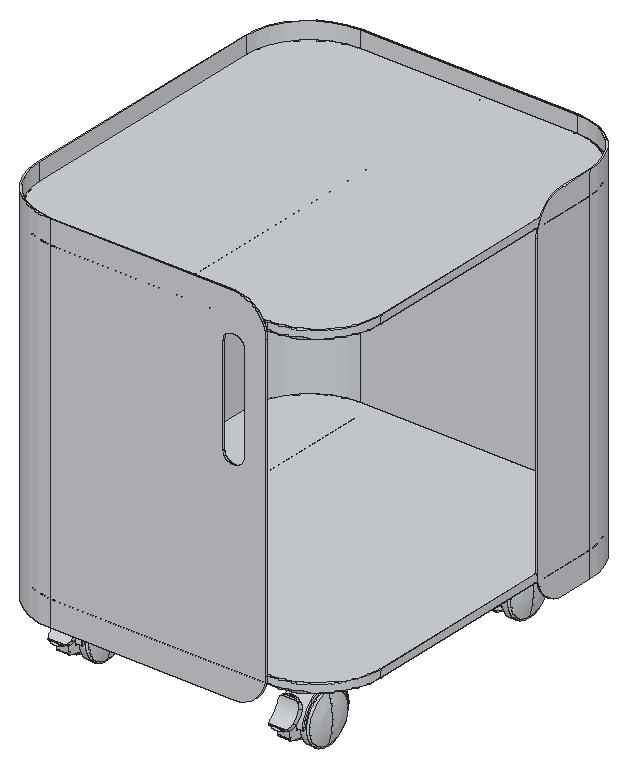
Revit family "Form_Stash Cart", category Generic Models, Revit 2018
Family settings
  Can host rebar = No
  Round Connector Dimension = Use Diameter
  Part Type = Normal
  Work Plane-Based = No
  Always vertical = Yes
  Cut with Voids When Loaded = No
  Shared = No
  Room Calculation Point = No
Parameters
  Wheel Material = none
  Frame Material = none
Reference planes
  plane 1 "Center (Front/Back)": y = 0
  plane 2: z = 0
  plane 3 "Center (Left/Right)": x = 0
Forms (mm)
  Sweep 1, solid, material <- "Frame Material"
    path origin (0, 0, 0) x (1, 0, 0) y (0, 1, 0)
      loop
        line (203.2, 76.2) -> (203.2, 153.6)
        arc (203.2, 153.6) -> (181.233, 206.633) -> (128.2, 228.6) r 75
        line (128.2, 228.6) -> (-127.148, 228.6)
        arc (-127.148, 228.6) -> (-180.925, 206.325) -> (-203.2, 152.548) r 76.052
        line (-203.2, 152.548) -> (-203.2, -152.586)
        arc (-203.2, -152.586) -> (-180.936, -206.336) -> (-127.186, -228.6) r 76.014
        line (-127.186, -228.6) -> (127, -228.6)
    profile origin (-0.093, -228.6, 0) x (0, 1, 0) y (0, 0, 1)
      loop
        line (1.596, 483.8) -> (0, 483.8) -> (0, 52) -> (1.596, 52) -> (1.596, 483.8)
  Sweep 2, solid, material <- "Frame Material"
    path origin (0, 0, 0) x (1, 0, 0) y (0, 1, 0)
      loop
        line (0, 225.6) -> (0, -225.6)
    profile origin (0, 0, 0) x (1, 0, 0) y (0, 0, 1)
      loop
        line (-14.046, 454.75) -> (14.033, 454.75)
        arc (14.033, 454.75) -> (15.774, 455.471) -> (16.497, 457.212) r 2.464
        line (16.497, 457.212) -> (16.5, 460.734)
        arc (16.5, 460.734) -> (16.793, 461.443) -> (17.501, 461.739) r 1.006
        line (17.501, 461.739) -> (20, 461.75) -> (20, 463.25) -> (17.486, 463.25)
        arc (17.486, 463.25) -> (15.728, 462.522) -> (15, 460.764) r 2.486
        line (15, 460.764) -> (15, 457.25) -> (-15, 457.25) -> (-15.003, 460.793)
        arc (-15.003, 460.793) -> (-15.724, 462.531) -> (-17.462, 463.25) r 2.459
        line (-17.462, 463.25) -> (-20, 463.25) -> (-20, 461.75) -> (-17.478, 461.739)
        arc (-17.478, 461.739) -> (-16.787, 461.45) -> (-16.501, 460.759) r 0.98
        line (-16.501, 460.759) -> (-16.5, 457.203)
        arc (-16.5, 457.203) -> (-15.781, 455.469) -> (-14.046, 454.75) r 2.454
  Sweep 3, solid, material <- "Frame Material"
    path origin (0, 0, 0) x (1, 0, 0) y (0, 1, 0)
      loop
        line (-127, 200) -> (-127, -200)
    profile origin (-127, 0, 0) x (1, 0, 0) y (0, 0, 1)
      loop
        line (-13.5, 89.5) -> (-15.037, 89.5) -> (-15.037, 75.558)
        arc (-15.037, 75.558) -> (-14.289, 73.752) -> (-12.482, 73.003) r 2.555
        line (-12.482, 73.003) -> (12.555, 73)
        arc (12.555, 73) -> (14.282, 73.715) -> (14.997, 75.441) r 2.441
        line (14.997, 75.441) -> (15, 89.5) -> (13.5, 89.5) -> (13.5, 75.49)
        arc (13.5, 75.49) -> (13.21, 74.79) -> (12.509, 74.5) r 0.991
        line (12.509, 74.5) -> (-12.532, 74.5)
        arc (-12.532, 74.5) -> (-13.208, 74.78) -> (-13.489, 75.456) r 0.957
        line (-13.489, 75.456) -> (-13.5, 89.5)
  Sweep 4, solid, material <- "Frame Material"
    path origin (0, 0, 0) x (-1, 0, 0) y (0, 1, 0)
      loop
        line (-127, 200) -> (-127, -200)
    profile origin (127, 0, 0) x (1, 0, 0) y (0, 0, 1)
      loop
        line (13.5, 89.5) -> (13.489, 75.456)
        arc (13.489, 75.456) -> (13.208, 74.78) -> (12.532, 74.5) r 0.957
        line (12.532, 74.5) -> (-12.509, 74.5)
        arc (-12.509, 74.5) -> (-13.21, 74.79) -> (-13.5, 75.49) r 0.991
        line (-13.5, 75.49) -> (-13.5, 89.5) -> (-15, 89.5) -> (-14.997, 75.441)
        arc (-14.997, 75.441) -> (-14.282, 73.715) -> (-12.555, 73) r 2.441
        line (-12.555, 73) -> (12.482, 73.003)
        arc (12.482, 73.003) -> (14.289, 73.752) -> (15.037, 75.558) r 2.555
        line (15.037, 75.558) -> (15.037, 89.5) -> (13.5, 89.5)
  Extrusion 5, void
    sketch origin (0, 0, 0) x (1, 0, 0) y (0, 0, 1)
      loop
        arc (76.2, 312.35) -> (88.9, 299.65) -> (101.6, 312.35) r 12.7
        line (101.6, 312.35) -> (101.6, 426.65)
        arc (101.6, 426.65) -> (88.9, 439.35) -> (76.2, 426.65) r 12.7
        line (76.2, 426.65) -> (76.2, 312.35)
    from 227.1 to 228.6
  Extrusion 6, void
    sketch origin (0, 0, 0) x (0, 1, 0) y (0, 0, 1)
      loop
        line (114.3, 483.8) -> (76.2, 483.8) -> (76.2, 445.7)
        arc (76.2, 445.7) -> (87.359, 472.641) -> (114.3, 483.8) r 38.1
      loop
        arc (114.3, 52) -> (87.359, 63.159) -> (76.2, 90.1) r 38.1
        line (76.2, 90.1) -> (76.2, 52) -> (114.3, 52)
    from 201.7 to 203.102
  Extrusion 7, void
    sketch origin (0, 0, 0) x (1, 0, 0) y (0, 0, 1)
      loop
        arc (88.9, 483.8) -> (115.841, 472.641) -> (127, 445.7) r 38.1
        line (127, 445.7) -> (127, 483.8) -> (88.9, 483.8)
      loop
        line (88.9, 52) -> (127, 52) -> (127, 90.1)
        arc (127, 90.1) -> (115.841, 63.159) -> (88.9, 52) r 38.1
    from 227.1 to 228.6
  Sweep 8, solid, material <- "Frame Material"
    path origin (0, 227.004, 464.75) x (0, -1, 0) y (1, 0, 0)
      loop
        line (379.818, 201.604) -> (150.804, 201.604) -> (145.7, 201.604) -> (73.404, 201.604)
        arc (73.404, 201.604) -> (21.5, 180.104) -> (0, 128.2) r 73.404
        line (0, 128.2) -> (0, -127.148)
        arc (0, -127.148) -> (21.808, -179.796) -> (74.456, -201.604) r 74.456
        line (74.456, -201.604) -> (379.59, -201.604)
        arc (379.59, -201.604) -> (432.212, -179.807) -> (454.008, -127.186) r 74.418
        line (454.008, -127.186) -> (454.008, 127.414)
        arc (454.008, 127.414) -> (432.278, 179.874) -> (379.818, 201.604) r 74.19
    profile origin (201.604, -38.307, 464.75) x (-1, 0, 0) y (0, 0, 1)
      loop
        line (1.404, -1.5) -> (4.554, -1.5) -> (4.554, 0) -> (0.5, 0)
        arc (0.5, 0) -> (0.146, -0.146) -> (0, -0.5) r 0.5
        line (0, -0.5) -> (0, -9.5)
        arc (0, -9.5) -> (0.146, -9.854) -> (0.5, -10) r 0.5
        line (0.5, -10) -> (1.404, -10) -> (1.404, -1.5)
      loop
        line (1.404, -375.25) -> (4.554, -375.25) -> (4.554, -373.75) -> (0.5, -373.75)
        arc (0.5, -373.75) -> (0.146, -373.896) -> (0, -374.25) r 0.5
        line (0, -374.25) -> (0, -383.25)
        arc (0, -383.25) -> (0.146, -383.604) -> (0.5, -383.75) r 0.5
        line (0.5, -383.75) -> (1.404, -383.75) -> (1.404, -375.25)
  Extrusion 9, solid, material <- "Frame Material"
    sketch origin (0, 0, 0) x (1, 0, 0) y (0, 1, 0)
      loop
        arc (127.414, -222.45) -> (176.654, -202.054) -> (197.05, -152.814) r 69.637
        line (197.05, -152.814) -> (197.05, 153.6)
        arc (197.05, 153.6) -> (176.884, 202.284) -> (128.2, 222.45) r 68.85
        line (128.2, 222.45) -> (-127.148, 222.45)
        arc (-127.148, 222.45) -> (-176.576, 201.976) -> (-197.05, 152.548) r 69.902
        line (-197.05, 152.548) -> (-197.05, -152.586)
        arc (-197.05, -152.586) -> (-176.587, -201.988) -> (-127.186, -222.45) r 69.864
        line (-127.186, -222.45) -> (127.414, -222.45)
    from 463.25 to 464.75
  Extrusion 10, solid, material <- "Frame Material"
    sketch origin (0, 0, 0) x (1, 0, 0) y (0, 1, 0)
      loop
        arc (127.414, -222.45) -> (176.654, -202.054) -> (197.05, -152.814) r 69.637
        line (197.05, -152.814) -> (197.05, 153.6)
        arc (197.05, 153.6) -> (176.884, 202.284) -> (128.2, 222.45) r 68.85
        line (128.2, 222.45) -> (-127.148, 222.45)
        arc (-127.148, 222.45) -> (-176.576, 201.976) -> (-197.05, 152.548) r 69.902
        line (-197.05, 152.548) -> (-197.05, -152.586)
        arc (-197.05, -152.586) -> (-176.587, -201.988) -> (-127.186, -222.45) r 69.864
        line (-127.186, -222.45) -> (127.414, -222.45)
    from 89.5 to 91
Cuts and joins
  Extrusion 5, Extrusion 6, Extrusion 7 cuts Sweep 1
  Extrusion 6 cuts Sweep 2
  joined: Sweep 8, Extrusion 9, Extrusion 10
Dimensions and locks
  aligned and locked: level to plane 2
Nested families
  nested 1: "Front Wheel" at (135.677, -170.022, 0), type "Front Wheel"
  nested 2: "Front Wheel" at (-123.4, -171.991, 0) x (-1, 0, 0) z (0, 0, 1), type "Front Wheel"
  nested 3: "Back wheel.dwg" at (129.988, 133.149, 0), type "Back wheel.dwg"
  nested 4: "Back wheel.dwg" at (-124.012, 132.935, 0) x (-1, 0, 0) z (0, 0, 1), type "Back wheel.dwg"
Definition of nested family "Front Wheel"
  Parameters (values of type "Front Wheel")
    Back wheel = none
  Reference planes
    plane 1 "Center (Front/Back)": y = 0
    plane 2: z = 0
    plane 3 "Center (Left/Right)": x = 0
  Forms (mm)
    Revolve 1, solid, material <- "Back wheel"
      sketch origin (0, 0, 0) x (1, 0, 0) y (0, 0, 1)
        loop
          line (8.75, 0) -> (16.135, 0)
          arc (16.135, 0) -> (17.447, 0.424) -> (18.264, 1.535) r 2.245
          arc (18.264, 1.535) -> (21.694, 15.501) -> (22.83, 29.837) r 88.987
          line (22.83, 29.837) -> (21.83, 29.837)
          arc (21.83, 29.837) -> (20.681, 15.501) -> (17.212, 1.544) r 87.987
          arc (17.212, 1.544) -> (16.921, 1.15) -> (16.454, 1) r 0.8
          line (16.454, 1) -> (8.75, 1) -> (8.75, 0)
        axis (8.75, 29.837) -> (22.83, 29.837)
      angle from 0 to 360
    Revolve 2, solid, material <- "Back wheel"
      sketch origin (0, 0, 0) x (-1, 0, 0) y (0, 0, 1)
        loop
          line (8.75, 0) -> (16.135, 0)
          arc (16.135, 0) -> (17.447, 0.424) -> (18.264, 1.535) r 2.245
          arc (18.264, 1.535) -> (21.694, 15.501) -> (22.83, 29.837) r 88.987
          line (22.83, 29.837) -> (21.83, 29.837)
          arc (21.83, 29.837) -> (20.681, 15.501) -> (17.212, 1.544) r 87.987
          arc (17.212, 1.544) -> (16.921, 1.15) -> (16.454, 1) r 0.8
          line (16.454, 1) -> (8.75, 1) -> (8.75, 0)
        axis (8.75, 29.837) -> (22.83, 29.837)
      angle from 0 to 360
    Sweep 3, solid, material <- "Back wheel"
      path origin (0, 0, 0) x (0, 1, 0) y (0, 0, 1)
        loop
          arc (31.378, 29.805) -> (-0.006, 61.189) -> (-31.39, 29.805) r 31.384
      profile origin (0, -0.006, 61.189) x (0, 0, -1) y (1, 0, 0)
        loop
          line (0, -15.204) -> (0, 15.171) -> (-1.521, 15.171)
          arc (-1.521, 15.171) -> (-2.088, 14.936) -> (-2.321, 14.37) r 0.8
          line (-2.321, 14.37) -> (-2.271, -14.406)
          arc (-2.271, -14.406) -> (-2.036, -14.97) -> (-1.471, -15.204) r 0.8
          line (-1.471, -15.204) -> (0, -15.204)
    Extrusion 4, solid, material <- "Back wheel"
      sketch origin (0, 0, 0) x (1, 0, 0) y (0, 1, 0)
        loop
          circle (0, 19.992) r 9.769
      from 42.828 to 66.992
    Sweep 5, solid, material <- "Back wheel"
      path origin (0, 0, 0) x (1, 0, 0) y (0, 1, 0)
        loop
          line (6.907, 16.004) -> (6.907, 23.98) -> (0, 27.968) -> (-6.907, 23.98) -> (-6.907, 16.004) -> (0, 12.017) -> (6.907, 16.004)
      profile origin (6.907, 19.992, 0) x (-1, 0, 0) y (0, 0, 1)
        loop
          arc (0, 69.8) -> (0.234, 69.234) -> (0.8, 69) r 0.8
          line (0.8, 69) -> (0.8, 73)
          arc (0.8, 73) -> (0.234, 72.766) -> (0, 72.2) r 0.8
          line (0, 72.2) -> (0, 69.8)
    Revolve 6, solid, material <- "Back wheel"
      sketch origin (0, 19.992, 0) x (1, 0, 0) y (0, 0, 1)
        loop
          line (0, 88) -> (-3.355, 88) -> (-4.098, 87.479) -> (-3.078, 86.886) -> (-4.154, 86.268) -> (-3.075, 85.645) -> (-4.155, 85.019) -> (-3.086, 84.391) -> (-4.154, 83.77) -> (-3.085, 83.138) -> (-4.156, 82.519) -> (-3.075, 81.895) -> (-4.155, 81.269) -> (-3.086, 80.641) -> (-4.154, 80.02) -> (-3.085, 79.388) -> (-4.156, 78.769) -> (-3.075, 78.145) -> (-4.155, 77.519) -> (-3.086, 76.891) -> (-4.154, 76.27) -> (-3.08, 75.634) -> (-4.157, 75.019) -> (-3.075, 74.395) -> (-4.011, 73.853) -> (-4.011, 67) -> (0, 67) -> (0, 88)
        axis (0, 67) -> (0, 88)
      angle from 0 to 360
    Extrusion 7, solid, material <- "Back wheel"
      sketch origin (0, 0, 0) x (1, 0, 0) y (0, 1, 0)
        loop
          line (-6.107, 23.518) -> (-6.107, 16.466) -> (0, 12.941) -> (6.107, 16.466) -> (6.107, 23.518) -> (0, 27.044) -> (-6.107, 23.518)
        loop
          circle (0, 19.992) r 4.157
      from 69 to 73
    Extrusion 8, solid, material <- "Back wheel"
      sketch origin (0, 0, 0) x (0, 1, 0) y (0, 0, 1)
        loop
          arc (-36.386, 43.583) -> (-41.5, 38.174) -> (-47.81, 34.223) r 29.402
          arc (-47.81, 34.223) -> (-46.189, 34.474) -> (-44.682, 33.828) r 2.977
          line (-44.682, 33.828) -> (-42.526, 22.014)
          arc (-42.526, 22.014) -> (-41.912, 20.843) -> (-40.74, 20.23) r 2.218
          line (-40.74, 20.23) -> (-14.142, 15.404) -> (-12.753, 23.283) -> (-34.574, 27.76) -> (-36.386, 43.583)
      from -7.296 to 7.215
    Extrusion 9, solid, material <- "Back wheel"
      sketch origin (0, 0, 0) x (0, 1, 0) y (0, 0, 1)
        loop
          arc (-32.04, 64.681) -> (-33.972, 63.979) -> (-35.38, 62.483) r 4.441
          arc (-35.38, 62.483) -> (-35.737, 61.604) -> (-35.844, 60.661) r 3.49
          arc (-35.844, 60.661) -> (-40.257, 46.119) -> (-52.45, 37.049) r 24.281
          arc (-52.45, 37.049) -> (-53.063, 36.758) -> (-53.586, 36.329) r 2.786
          arc (-53.586, 36.329) -> (-54.771, 34.353) -> (-54.995, 32.06) r 5.243
          arc (-54.995, 32.06) -> (-36.599, 43.502) -> (-32.04, 64.681) r 27.738
      from -15.204 to 15.171
    Extrusion 10, void
      sketch origin (0, -30.962, -8.106) x (1, 0, 0) y (0, 0.422618, 0.906308)
        loop
          line (-15.204, 67.261) -> (-15.204, 17.456) -> (15.171, 17.456) -> (15.171, 67.261) -> (-15.204, 67.261)
        loop
          arc (-8.128, 60.859) -> (-11.277, 57.077) -> (-12.406, 52.286) r 10.731
          line (-12.406, 52.286) -> (-12.406, 36.2)
          arc (-12.406, 36.2) -> (-11.817, 33.743) -> (-10.178, 31.82) r 5.419
          arc (-10.178, 31.82) -> (-1.117, 28.565) -> (8.269, 30.708) r 17.138
          arc (8.269, 30.708) -> (11.433, 33.804) -> (12.594, 38.077) r 8.44
          line (12.594, 38.077) -> (12.594, 53.144)
          arc (12.594, 53.144) -> (12.066, 56.13) -> (10.544, 58.753) r 8.697
          arc (10.544, 58.753) -> (1.627, 63.522) -> (-8.128, 60.859) r 13.673
      from 0 to 80.541
  Cuts and joins
    Extrusion 10 cuts Extrusion 9
    joined: Sweep 5, Extrusion 7
  Dimensions and locks
    aligned and locked: level to plane 2
Definition of nested family "Back wheel.dwg"
  Parameters (values of type "Back wheel.dwg")
    Wheel = none
  Reference planes
    plane 1 "Center (Front/Back)": y = 0
    plane 2: z = 0
    plane 3 "Center (Left/Right)": x = 0
  Forms (mm)
    Revolve 1, solid, material <- "Wheel"
      sketch origin (0, 0, 0) x (1, 0, 0) y (0, 0, 1)
        loop
          line (8.75, 0) -> (16.135, 0)
          arc (16.135, 0) -> (17.447, 0.424) -> (18.264, 1.535) r 2.245
          arc (18.264, 1.535) -> (21.694, 15.501) -> (22.83, 29.837) r 88.987
          line (22.83, 29.837) -> (21.83, 29.837)
          arc (21.83, 29.837) -> (20.681, 15.501) -> (17.212, 1.544) r 87.987
          arc (17.212, 1.544) -> (16.921, 1.15) -> (16.454, 1) r 0.8
          line (16.454, 1) -> (8.75, 1) -> (8.75, 0)
        axis (8.75, 29.837) -> (22.83, 29.837)
      angle from 0 to 360
    Revolve 2, solid, material <- "Wheel"
      sketch origin (0, 0, 0) x (-1, 0, 0) y (0, 0, 1)
        loop
          line (8.75, 0) -> (16.135, 0)
          arc (16.135, 0) -> (17.447, 0.424) -> (18.264, 1.535) r 2.245
          arc (18.264, 1.535) -> (21.694, 15.501) -> (22.83, 29.837) r 88.987
          line (22.83, 29.837) -> (21.83, 29.837)
          arc (21.83, 29.837) -> (20.681, 15.501) -> (17.212, 1.544) r 87.987
          arc (17.212, 1.544) -> (16.921, 1.15) -> (16.454, 1) r 0.8
          line (16.454, 1) -> (8.75, 1) -> (8.75, 0)
        axis (8.75, 29.837) -> (22.83, 29.837)
      angle from 0 to 360
    Sweep 3, solid, material <- "Wheel"
      path origin (0, 0, 0) x (0, 1, 0) y (0, 0, 1)
        loop
          arc (31.378, 29.805) -> (-0.006, 61.189) -> (-31.39, 29.805) r 31.384
      profile origin (0, -0.006, 61.189) x (0, 0, -1) y (1, 0, 0)
        loop
          line (0, -15.204) -> (0, 15.171) -> (-1.521, 15.171)
          arc (-1.521, 15.171) -> (-2.088, 14.936) -> (-2.321, 14.37) r 0.8
          line (-2.321, 14.37) -> (-2.271, -14.406)
          arc (-2.271, -14.406) -> (-2.036, -14.97) -> (-1.471, -15.204) r 0.8
          line (-1.471, -15.204) -> (0, -15.204)
    Extrusion 4, solid, material <- "Wheel"
      sketch origin (0, 0, 0) x (1, 0, 0) y (0, 1, 0)
        loop
          circle (0, 19.992) r 9.769
      from 42.828 to 66.992
    Sweep 5, solid, material <- "Wheel"
      path origin (0, 0, 0) x (1, 0, 0) y (0, 1, 0)
        loop
          line (6.907, 16.004) -> (6.907, 23.98) -> (0, 27.968) -> (-6.907, 23.98) -> (-6.907, 16.004) -> (0, 12.017) -> (6.907, 16.004)
      profile origin (6.907, 19.992, 0) x (-1, 0, 0) y (0, 0, 1)
        loop
          arc (0, 69.8) -> (0.234, 69.234) -> (0.8, 69) r 0.8
          line (0.8, 69) -> (0.8, 73)
          arc (0.8, 73) -> (0.234, 72.766) -> (0, 72.2) r 0.8
          line (0, 72.2) -> (0, 69.8)
    Revolve 6, solid, material <- "Wheel"
      sketch origin (0, 19.992, 0) x (1, 0, 0) y (0, 0, 1)
        loop
          line (0, 88) -> (-3.355, 88) -> (-4.098, 87.479) -> (-3.078, 86.886) -> (-4.154, 86.268) -> (-3.075, 85.645) -> (-4.155, 85.019) -> (-3.086, 84.391) -> (-4.154, 83.77) -> (-3.085, 83.138) -> (-4.156, 82.519) -> (-3.075, 81.895) -> (-4.155, 81.269) -> (-3.086, 80.641) -> (-4.154, 80.02) -> (-3.085, 79.388) -> (-4.156, 78.769) -> (-3.075, 78.145) -> (-4.155, 77.519) -> (-3.086, 76.891) -> (-4.154, 76.27) -> (-3.08, 75.634) -> (-4.157, 75.019) -> (-3.075, 74.395) -> (-4.011, 73.853) -> (-4.011, 67) -> (0, 67) -> (0, 88)
        axis (0, 67) -> (0, 88)
      angle from 0 to 360
    Extrusion 7, solid, material <- "Wheel"
      sketch origin (0, 0, 0) x (1, 0, 0) y (0, 1, 0)
        loop
          line (-6.107, 23.518) -> (-6.107, 16.466) -> (0, 12.941) -> (6.107, 16.466) -> (6.107, 23.518) -> (0, 27.044) -> (-6.107, 23.518)
        loop
          circle (0, 19.992) r 4.157
      from 69 to 73
  Dimensions and locks
    aligned and locked: level to plane 2
